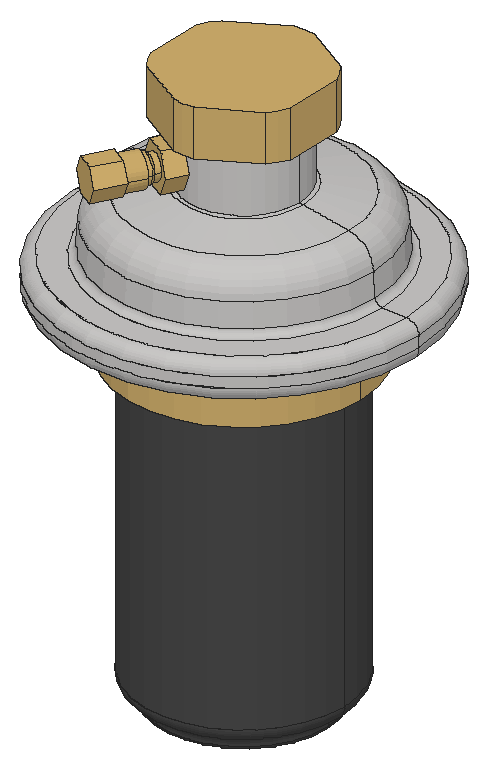
Revit family "AVP Actuator_Flow_PN25_RFA_1", category Pipe Accessories, Revit 2019
Family settings
  Round Connector Dimension = Use Diameter
  Part Type = Normal
  OmniClass Number = 23.75.65.14.14.17
  OmniClass Title = Flow Controls
  Work Plane-Based = No
  Always vertical = Yes
  Cut with Voids When Loaded = No
  Shared = No
Parameters (values of type "AVP Actuator_Flow_PN25_dP0.2-1.0bar_003H6834")
  URL = "https://store.danfoss.com/en/search/?q=003H682%3Arelevance%3Adanfoss_a50311485896%3ATA7_2941857&text=003H682"
  Spring Colour = Danfoss Steel Paint Yellow (Spring)
  Nominal Pressure = "PN 25"  # constant formula
  Model Type = "AVP Actuator_Flow_PN25_dP0.2-1.0bar"
  Model = "003H6834"
  Manufacturer = "Danfoss"  # constant formula
  LOD 350 [instance] = not(LOD 200)  # yes
  LOD 200 [instance] = no
  Differential Pressure Setting Range = "0.2-1.0 bar"
  Description = "Spring Actuator"  # constant formula
  Body Material = Danfoss Stainless Steel
  Actuator size = 54.0 cm²  # constant formula
Types (2, lengths in mm): name | Spring Colour | Model Type | Model | Differential Pressure Setting Range
  AVP Actuator_Flow_PN25_dP0.3-2.0bar_003H6835 | Danfoss Steel Paint Red (Spring) | "AVP Actuator_Flow_PN25_dP0.3-2.0bar" | "003H6835" | "0.3-2.0 bar"
  AVP Actuator_Flow_PN25_dP0.2-1.0bar_003H6834 | Danfoss Steel Paint Yellow (Spring) | "AVP Actuator_Flow_PN25_dP0.2-1.0bar" | "003H6834" | "0.2-1.0 bar"
Reference planes
  plane 1 "Center (Front/Back)": y = 0
  plane 2: z = 0
  plane 3 "Center (Left/Right)": x = 0
  plane 4: z = -192.289
  plane 5: z = -203
  plane 6: through (-47.252, -1524, -65.324) normal (-0.5878, 0, 0.809)
  plane 7: through (-56.101, -1524, -66.25) normal (-0.7886, 0, -0.6149)
  plane 8 "x": z = -26.5
Forms (mm)
  Extrusion 1, solid, material "Danfoss Brass", visible <- "LOD 350"
    sketch origin (0, 0, 0) x (1, 0, 0) y (0, 1, 0)
      loop
        line (21.371, 16.492) -> (3.712, 26.761)
        arc (3.712, 26.761) -> (0.064, 27.048) -> (-3.585, 26.761) r 23.364
        line (-3.585, 26.761) -> (-21.27, 16.624)
        arc (-21.27, 16.624) -> (-23.337, 13.577) -> (-24.968, 10.276) r 26.87
        line (-24.968, 10.276) -> (-25.032, -10.12)
        arc (-25.032, -10.12) -> (-23.479, -13.458) -> (-21.383, -16.485) r 21.662
        line (-21.383, -16.485) -> (-3.751, -26.738)
        arc (-3.751, -26.738) -> (-0.063, -27.03) -> (3.625, -26.738) r 23.45
        line (3.625, -26.738) -> (21.28, -16.618)
        arc (21.28, -16.618) -> (23.346, -13.576) -> (24.968, -10.276) r 26.3
        line (24.968, -10.276) -> (25.032, 10.12)
        arc (25.032, 10.12) -> (23.428, 13.436) -> (21.371, 16.492) r 25.983
    from -16.5 to 0
  Revolve 2, solid, material "Danfoss Plastic Black", visible <- "LOD 350"
    sketch origin (0, 0, 0) x (1, 0, 0) y (0, 0, 1)
      loop
        line (0, -192.289) -> (-36, -192.289)
        arc (-36, -192.289) -> (-35.136, -195.209) -> (-32.688, -197.019) r 4.792
        arc (-32.688, -197.019) -> (-30.865, -198.685) -> (-30.003, -200.999) r 5.261
        arc (-30.003, -200.999) -> (-29.81, -201.504) -> (-29.402, -201.858) r 1.111
        arc (-29.402, -201.858) -> (-26.675, -202.712) -> (-23.833, -203) r 14.15
        line (-23.833, -203) -> (0, -203) -> (0, -192.289)
      axis (0, -192.289) -> (0, -203)
    angle from 0 to 360
  Revolve 3, solid, material "Danfoss Stainless Steel" <- "Body Material", visible <- "LOD 350"
    sketch origin (0, 0, 0) x (1, 0, 0) y (0, 0, 1)
      loop
        line (0, -16.5) -> (0, -80.629) -> (41.953, -80.629)
        arc (41.953, -80.629) -> (42.404, -79.267) -> (43.53, -78.377) r 2.503
        arc (43.53, -78.377) -> (48.25, -76.191) -> (52.702, -73.5) r 47.287
        line (52.702, -73.5) -> (57.499, -73.5)
        arc (57.499, -73.5) -> (61.08, -71.737) -> (62.539, -68.022) r 5.525
        line (62.539, -68.022) -> (62.539, -64.325)
        arc (62.539, -64.325) -> (61.272, -61.267) -> (58.214, -60) r 4.325
        line (58.214, -60) -> (49.381, -60)
        arc (49.381, -60) -> (47.685, -59.318) -> (46.933, -57.653) r 2.45
        line (46.933, -57.653) -> (46.495, -49.294)
        arc (46.495, -49.294) -> (43.825, -42.848) -> (37.693, -39.518) r 10.451
        line (37.693, -39.518) -> (21.539, -36.67)
        arc (21.539, -36.67) -> (20.775, -36.563) -> (20.005, -36.509) r 11.054
        line (20.005, -36.509) -> (20.005, -16.5) -> (0, -16.5)
      axis (0, -80.629) -> (0, -16.5)
    angle from 0 to 360
  Revolve 4, solid, material "Danfoss Brass", visible <- "LOD 350"
    sketch origin (0, 0, 0) x (1, 0, 0) y (0, 0, 1)
      loop
        line (-53.272, -84.026) -> (-41.621, -75.56) -> (-44.347, -71.807) -> (-54.43, -79.133)
        arc (-54.43, -79.133) -> (-54.921, -80.106) -> (-55.999, -80.273) r 1.192
        line (-55.999, -80.273) -> (-53.272, -84.026)
      axis (-41.621, -75.56) -> (-53.272, -84.026)
    angle from 0 to 360
  Sweep 5, solid, material "Danfoss Brass", visible <- "LOD 350"
    path origin (0, 0, 0) x (1, 0, 0) y (0, 0, 1)
      loop
        line (-57.318, -86.965) -> (-53.272, -84.026)
    profile origin (-55.295, 0, -85.496) x (-0.587785, 0, 0.809017) y (0, -1, 0)
      loop
        line (6.283, 2.287) -> (1.161, 6.584) -> (-5.122, 4.298) -> (-6.283, -2.287) -> (-1.161, -6.584) -> (5.122, -4.298) -> (6.283, 2.287)
  Extrusion 6, solid, material "Danfoss Brass", visible <- "LOD 200"
    sketch origin (0, 0, 0) x (1, 0, 0) y (0, 1, 0)
      loop
        circle (0, 0) r 25
    from -16.5 to 0
  Extrusion 7, solid, material "Danfoss Plastic Black", visible <- "LOD 200"
    sketch origin (0, 0, 0) x (1, 0, 0) y (0, 1, 0)
      loop
        circle (0, 0) r 36
    from -203 to -65.534
  Revolve 8, solid, material "Danfoss Brass"
    sketch origin (0, 0, 0) x (1, 0, 0) y (0, 0, 1)
      loop
        line (0, -92) -> (41.953, -92) -> (41.953, -80.629) -> (0, -80.629) -> (0, -92)
      axis (0, -80.629) -> (0, -92)
    angle from 0 to 360
  Revolve 9, solid, material "Danfoss Stainless Steel" <- "Body Material", visible <- "LOD 200"
    sketch origin (0, 0, 0) x (1, 0, 0) y (0, 0, 1)
      loop
        line (0, -16.5) -> (0, -80.629) -> (41.953, -80.629) -> (57.499, -73.5) -> (62.539, -73.5) -> (62.539, -60) -> (49.381, -60)
        arc (49.381, -60) -> (47.685, -59.318) -> (46.933, -57.653) r 2.45
        line (46.933, -57.653) -> (46.495, -49.294)
        arc (46.495, -49.294) -> (43.825, -42.848) -> (37.693, -39.518) r 10.451
        line (37.693, -39.518) -> (20.005, -36.509) -> (20.005, -16.5) -> (0, -16.5)
      axis (0, -80.629) -> (0, -16.5)
    angle from 0 to 360
  Extrusion 10, solid, material "Danfoss Plastic Black", visible <- "LOD 350"
    sketch origin (0, 0, 0) x (1, 0, 0) y (0, 1, 0)
      loop
        circle (0, 0) r 36
    from -192.289 to -92
  Revolve 11, solid, material "Danfoss Brass", visible <- "LOD 200"
    sketch origin (0, 0, 0) x (1, 0, 0) y (0, 0, 1)
      loop
        line (-57.318, -86.965) -> (-40.403, -75.556) -> (-43.623, -70.782) -> (-60.704, -82.304) -> (-57.318, -86.965)
      axis (-57.485, -87.078) -> (-40.403, -75.556)
    angle from 0 to 360
  Sweep 12, solid, material "Danfoss Brass", visible <- "LOD 350"
    path origin (0, 0, -26.5) x (0, -1, 0) y (1, 0, 0)
      loop
        line (41.136, -23.75) -> (32.476, -18.75)
    profile origin (-21.25, -36.806, -26.5) x (-0.866025, 0.5, 0) y (0, 0, 1)
      loop
        line (-3.4, 5.889) -> (-6.8, 0) -> (-3.4, -5.889) -> (3.4, -5.889) -> (6.8, 0) -> (3.4, 5.889) -> (-3.4, 5.889)
  Revolve 13, solid, material "Danfoss Brass", visible <- "LOD 350"
    sketch origin (0, 0, -26.5) x (0, -1, 0) y (1, 0, 0)
      loop
        line (32.476, -18.75) -> (22.95, -13.25) -> (20.784, -17.002) -> (22.507, -17.997) -> (22.823, -18.863) -> (24.384, -19.765) -> (23.912, -20.583) -> (29.542, -23.833) -> (32.476, -18.75)
      axis (32.476, -18.75) -> (22.95, -13.25)
    angle from 0 to 360
  Sweep 14, solid, material "Danfoss Brass", visible <- "LOD 350"
    path origin (0, 0, -26.5) x (0, -1, 0) y (1, 0, 0)
      loop
        line (22.95, -13.25) -> (16.955, -9.789)
    profile origin (-11.52, -19.953, -26.5) x (-0.866025, 0.5, 0) y (0, 0, 1)
      loop
        line (-4.041, 7) -> (-8.083, 0) -> (-4.041, -7) -> (4.041, -7) -> (8.083, 0) -> (4.041, 7) -> (-4.041, 7)
  Revolve 15, solid, material "Danfoss Brass", visible <- "LOD 200"
    sketch origin (0, 0, -26.5) x (0, -1, 0) y (1, 0, 0)
      loop
        line (41.136, -23.75) -> (9.526, -5.5) -> (6.126, -11.389) -> (37.736, -29.639) -> (41.136, -23.75)
      axis (9.526, -5.5) -> (41.136, -23.75)
    angle from 0 to 360
Dimensions and locks
  aligned and locked: level to plane 2
  aligned and locked: plane 5 to Extrusion 7
  aligned and locked: level to Extrusion 6
  aligned and locked: level to Extrusion 1
  aligned and locked: Extrusion 10 to plane 4
